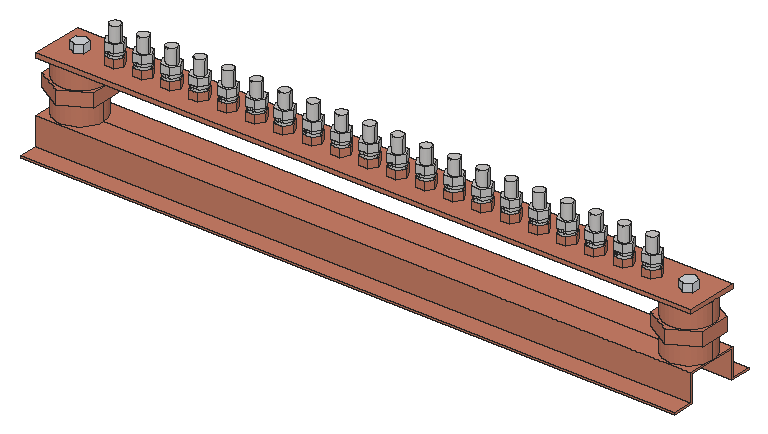
Revit family "FA_ГлавнаяЗаземпляющаяШина_20_88987_EZETEK", category Системы пожарной сигнализации, Revit 2017
Family settings
  Сохранять ориентацию аннотаций = Нет
  Размер круглого соединителя = Использовать радиус
  Тип детали = Нормальный
  На основе рабочей плоскости = Нет
  Всегда вертикально = Да
  При загрузке вырезать с полостями = Нет
  Общий = Нет
  Точка расчета площади = Нет
Parameters (values of type "ГлавнаяЗаземпляющаяШина_20_88987")
  Описание = "ГЗШ 20 подключений 600х40х4 мм, медь.\r\n\r\nГлавная заземляющая шина выполнена из меди, имеет габариты 40х4 мм, закрепляется на пластиковых изоляторах. Главная заземляющая шина объединяет нулевые защитные и нулевые рабочие совмещенные проводники питающей линии; выводы контура заземления; заземляющие проводники; проводники системы уравнивания потенциалов. Для присоединения проводников используются болты и гайки из нержавеющей стали. Главная заземляющая шина рассчитана на максимальный длительный ток 630 А."  # constant formula
  Производитель_Контакты = "ezetek@ezetek.ru"  # constant formula
  КолПодключений = 20
  Изготовитель = "Ezetek"  # constant formula
  Группа модели = "ГЗШ и шкафы ГЗШ"  # constant formula
  l = 21.6 mm
  URL = "https://ezetek.ru/"
  L = 465 mm
  ADSK_Этаж [instance] = ""
  ADSK_Размер_Длина = 500 mm
  ADSK_Примечание [instance] = ""
  ADSK_Позиция [instance] = ""
  ADSK_Обозначение = "88987"
  ADSK_Наименование краткое [instance] = "ГЗШ 20"
  ADSK_Наименование = "ГЗШ 20 подключений 600х40х4 мм, медь"
  ADSK_Материал = BIMLIB_Медь_EZETEK
  ADSK_Масса_Текст = "1.72"
  ADSK_Масса = 1.72
  ADSK_Марка = "88987"
  ADSK_Количество = 1  # constant formula
  ADSK_Код изделия = "88987"
  ADSK_Завод-изготовитель = "Ezetek"  # constant formula
  ADSK_Единица измерения = "шт."  # constant formula
  ADSK_Группирование [instance] = ""
  ADSK_Версия Revit = "2017"  # constant formula
  20 = yes
Reference planes
  plane 1 "По центру (Вперед/Назад)": y = 0
  plane 2: z = 0
  plane 3 "По центру (Влево/Вправо)": x = 0
  plane 4: x = -232.5
  plane 5: x = -250
  plane 6: x = 232.5
  plane 7: x = 250
  plane 8: y = 20
  plane 9: y = -20
  plane 10: z = 22
  plane 11: z = 62
  plane 12: z = 65
  plane 13: z = 92
  plane 14: y = 35
  plane 15: y = -35
  plane 16: z = 42
  plane 17: z = 37
  plane 18: z = 47
  plane 19: z = 71
Forms (mm)
  Extrusion 1, solid, material "BIMLIB_Медь_EZETEK" <- "ADSK_Материал", detail levels fine
    sketch origin (0, 0, 0) x (0, 1, 0) y (0, 0, 1)
      loop
        line (35, 0) -> (35, 1) -> (20, 1) -> (20, 22) -> (0, 22) -> (-20, 22) -> (-20, 1) -> (-35, 1) -> (-35, 0) -> (-19, 0) -> (-19, 21) -> (0, 21) -> (19, 21) -> (19, 0) -> (35, 0)
    from 250 to -250
  Extrusion 2, solid, material "BIMLIB_Медь_EZETEK" <- "ADSK_Материал", detail levels fine
    sketch origin (0, 0, 0) x (1, 0, 0) y (0, 1, 0)
      loop
        circle (-232.5, 0) r 18.032
      loop
        circle (232.5, 0) r 18.032
    from 62 to 22
  Extrusion 3, solid, material "BIMLIB_Медь_EZETEK" <- "ADSK_Материал", detail levels fine
    sketch origin (0, 0, 0) x (1, 0, 0) y (0, 1, 0)
      loop
        line (-250, 20) -> (-250, -20) -> (250, -20) -> (250, 20) -> (-250, 20)
    from 65 to 62
  Extrusion 4, solid, detail levels fine
    sketch origin (232.5, -130, 0) x (0, -1, 0) y (1, 0, 0)
      loop
        line (-136, 0) -> (-133, -5.196) -> (-127, -5.196) -> (-124, 0) -> (-127, 5.196) -> (-133, 5.196) -> (-136, 0)
    from 71 to 65
  Extrusion 5, solid, detail levels fine
    sketch origin (-232.5, 130, 0) x (0, 1, 0) y (-1, 0, 0)
      loop
        line (-124, 0) -> (-127, 5.196) -> (-133, 5.196) -> (-136, 0) -> (-133, -5.196) -> (-127, -5.196) -> (-124, 0)
    from 71 to 65
  Extrusion 6, solid, detail levels fine
    sketch origin (232.5, -130, 0) x (0, -1, 0) y (1, 0, 0)
      loop
        line (-136, 0) -> (-133, -5.196) -> (-127, -5.196) -> (-124, 0) -> (-127, 5.196) -> (-133, 5.196) -> (-136, 0)
    from 71 to 65
  Extrusion 7, solid, detail levels fine
    sketch origin (-102.5, 0, 0) x (1, 0, 0) y (0, 1, 0)
      loop
        line (-130, 6) -> (-135.196, 3) -> (-135.196, -3) -> (-130, -6) -> (-124.804, -3) -> (-124.804, 3) -> (-130, 6)
    from 21 to 16
  Extrusion 8, solid, not visible, detail levels fine
    sketch origin (102.5, 0, 0) x (-1, 0, 0) y (0, -1, 0)
      loop
        line (232.5, -6) -> (237.696, -3) -> (237.696, 3) -> (232.5, 6) -> (227.304, 3) -> (227.304, -3) -> (232.5, -6)
    from 21 to 16
  Extrusion 9, solid, detail levels fine
    sketch origin (102.5, 0, 0) x (-1, 0, 0) y (0, -1, 0)
      loop
        line (-130, -6) -> (-124.804, -3) -> (-124.804, 3) -> (-130, 6) -> (-135.196, 3) -> (-135.196, -3) -> (-130, -6)
    from 21 to 16
  Extrusion 10, solid, material "BIMLIB_Медь_EZETEK" <- "ADSK_Материал", detail levels fine
    sketch origin (-102.5, 0, 0) x (1, 0, 0) y (0, 1, 0)
      loop
        line (-130, 23) -> (-149.919, 11.5) -> (-149.919, -11.5) -> (-130, -23) -> (-110.081, -11.5) -> (-110.081, 11.5) -> (-130, 23)
    from 47 to 37
  Extrusion 11, solid, material "BIMLIB_Медь_EZETEK" <- "ADSK_Материал", not visible, detail levels fine
    sketch origin (102.5, 0, 0) x (-1, 0, 0) y (0, -1, 0)
      loop
        line (232.5, -23) -> (252.419, -11.5) -> (252.419, 11.5) -> (232.5, 23) -> (212.581, 11.5) -> (212.581, -11.5) -> (232.5, -23)
    from 47 to 37
  Extrusion 12, solid, material "BIMLIB_Медь_EZETEK" <- "ADSK_Материал", detail levels fine
    sketch origin (102.5, 0, 0) x (-1, 0, 0) y (0, -1, 0)
      loop
        line (-130, -23) -> (-110.081, -11.5) -> (-110.081, 11.5) -> (-130, 23) -> (-149.919, 11.5) -> (-149.919, -11.5) -> (-130, -23)
    from 47 to 37
  Extrusion 13, solid, material "BIMLIB_Сталь_Нержавеющая_EZETEK", visible <- "20", detail levels fine
    sketch origin (-205.558, 0, 0) x (1, 0, 0) y (0, 1, 0)
      loop
        circle (0, 0) r 4
    from 92 to 65
  Extrusion 14, solid, material "BIMLIB_Медь_EZETEK" <- "ADSK_Материал", visible <- "20", detail levels fine
    sketch origin (-205.558, 0, 0) x (1, 0, 0) y (0, 1, 0)
      loop
        line (3.441, -5.96) -> (6.881, 0) -> (3.441, 5.96) -> (-3.441, 5.96) -> (-6.881, 0) -> (-3.441, -5.96) -> (3.441, -5.96)
    from 62 to 56
  Extrusion 15, solid, material "BIMLIB_Медь_EZETEK" <- "ADSK_Материал", visible <- "20", detail levels fine
    sketch origin (-205.558, 0, 130) x (0, -1, 0) y (1, 0, 0)
      loop
        line (5.96, 3.441) -> (0, 6.881) -> (-5.96, 3.441) -> (-5.96, -3.441) -> (0, -6.881) -> (5.96, -3.441) -> (5.96, 3.441)
    from -59 to -65
  Extrusion 16, solid, material "BIMLIB_Сталь_Нержавеющая_EZETEK", visible <- "20", detail levels fine
    sketch origin (-205.558, 0, 130) x (0, -1, 0) y (1, 0, 0)
      loop
        line (5.96, 3.441) -> (0, 6.881) -> (-5.96, 3.441) -> (-5.96, -3.441) -> (0, -6.881) -> (5.96, -3.441) -> (5.96, 3.441)
    from -55 to -49
  Extrusion 17, solid, material "BIMLIB_Сталь_Нержавеющая_EZETEK", visible <- "20", detail levels fine
    sketch origin (-205.558, 0, 0) x (1, 0, 0) y (0, 1, 0)
      loop
        circle (0, 0) r 5.954
    from 73 to 71
  Extrusion 18, solid, material "BIMLIB_Сталь_Нержавеющая_EZETEK", visible <- "20", detail levels fine
    sketch origin (-205.558, 0, 146) x (0, -1, 0) y (1, 0, 0)
      loop
        circle (0, 0) r 5.954
    from -71 to -73
  Extrusion 19, solid, not visible, detail levels fine
    sketch origin (232.5, -130, 0) x (0, -1, 0) y (1, 0, 0)
      loop
        line (-136, 0) -> (-133, -5.196) -> (-127, -5.196) -> (-124, 0) -> (-127, 5.196) -> (-133, 5.196) -> (-136, 0)
    from 71 to 65
  Extrusion 20, solid, material "BIMLIB_Сталь_Нержавеющая_EZETEK", visible <- "20", not visible, detail levels fine
    sketch origin (-205.558, 0, 0) x (1, 0, 0) y (0, 1, 0)
      loop
        circle (0, 0) r 4
    from 92 to 65
  Extrusion 21, solid, material "BIMLIB_Медь_EZETEK" <- "ADSK_Материал", visible <- "20", not visible, detail levels fine
    sketch origin (-205.558, 0, 0) x (1, 0, 0) y (0, 1, 0)
      loop
        line (3.441, -5.96) -> (6.881, 0) -> (3.441, 5.96) -> (-3.441, 5.96) -> (-6.881, 0) -> (-3.441, -5.96) -> (3.441, -5.96)
    from 62 to 56
  Extrusion 22, solid, material "BIMLIB_Медь_EZETEK" <- "ADSK_Материал", visible <- "20", not visible, detail levels fine
    sketch origin (-205.558, 0, 130) x (0, -1, 0) y (1, 0, 0)
      loop
        line (5.96, 3.441) -> (0, 6.881) -> (-5.96, 3.441) -> (-5.96, -3.441) -> (0, -6.881) -> (5.96, -3.441) -> (5.96, 3.441)
    from -59 to -65
  Extrusion 23, solid, material "BIMLIB_Сталь_Нержавеющая_EZETEK", visible <- "20", not visible, detail levels fine
    sketch origin (-205.558, 0, 130) x (0, -1, 0) y (1, 0, 0)
      loop
        line (5.96, 3.441) -> (0, 6.881) -> (-5.96, 3.441) -> (-5.96, -3.441) -> (0, -6.881) -> (5.96, -3.441) -> (5.96, 3.441)
    from -55 to -49
  Extrusion 24, solid, material "BIMLIB_Сталь_Нержавеющая_EZETEK", visible <- "20", not visible, detail levels fine
    sketch origin (-205.558, 0, 0) x (1, 0, 0) y (0, 1, 0)
      loop
        circle (0, 0) r 5.954
    from 73 to 71
  Extrusion 25, solid, material "BIMLIB_Сталь_Нержавеющая_EZETEK", visible <- "20", not visible, detail levels fine
    sketch origin (-205.558, 0, 146) x (0, -1, 0) y (1, 0, 0)
      loop
        circle (0, 0) r 5.954
    from -71 to -73
  Extrusion 26, solid, material "BIMLIB_Сталь_Нержавеющая_EZETEK", visible <- "20", detail levels fine
    sketch origin (204.842, 0, 0) x (1, 0, 0) y (0, 1, 0)
      loop
        circle (0, 0) r 4
    from 92 to 65
  Extrusion 27, solid, material "BIMLIB_Медь_EZETEK" <- "ADSK_Материал", visible <- "20", detail levels fine
    sketch origin (204.842, 0, 0) x (1, 0, 0) y (0, 1, 0)
      loop
        line (3.441, -5.96) -> (6.881, 0) -> (3.441, 5.96) -> (-3.441, 5.96) -> (-6.881, 0) -> (-3.441, -5.96) -> (3.441, -5.96)
    from 62 to 56
  Extrusion 28, solid, material "BIMLIB_Медь_EZETEK" <- "ADSK_Материал", visible <- "20", detail levels fine
    sketch origin (204.842, 0, 130) x (0, -1, 0) y (1, 0, 0)
      loop
        line (5.96, 3.441) -> (0, 6.881) -> (-5.96, 3.441) -> (-5.96, -3.441) -> (0, -6.881) -> (5.96, -3.441) -> (5.96, 3.441)
    from -59 to -65
  Extrusion 29, solid, material "BIMLIB_Сталь_Нержавеющая_EZETEK", visible <- "20", detail levels fine
    sketch origin (204.842, 0, 130) x (0, -1, 0) y (1, 0, 0)
      loop
        line (5.96, 3.441) -> (0, 6.881) -> (-5.96, 3.441) -> (-5.96, -3.441) -> (0, -6.881) -> (5.96, -3.441) -> (5.96, 3.441)
    from -55 to -49
  Extrusion 30, solid, material "BIMLIB_Сталь_Нержавеющая_EZETEK", visible <- "20", detail levels fine
    sketch origin (204.842, 0, 0) x (1, 0, 0) y (0, 1, 0)
      loop
        circle (0, 0) r 5.954
    from 73 to 71
  Extrusion 31, solid, material "BIMLIB_Сталь_Нержавеющая_EZETEK", visible <- "20", detail levels fine
    sketch origin (204.842, 0, 146) x (0, -1, 0) y (1, 0, 0)
      loop
        circle (0, 0) r 5.954
    from -71 to -73
  Extrusion 32, solid, material "BIMLIB_Сталь_Нержавеющая_EZETEK", visible <- "20", detail levels fine
    sketch origin (-183.958, 0, 0) x (1, 0, 0) y (0, 1, 0)
      loop
        circle (0, 0) r 4
    from 92 to 65
  Extrusion 33, solid, material "BIMLIB_Медь_EZETEK" <- "ADSK_Материал", visible <- "20", detail levels fine
    sketch origin (-183.958, 0, 0) x (1, 0, 0) y (0, 1, 0)
      loop
        line (3.441, -5.96) -> (6.881, 0) -> (3.441, 5.96) -> (-3.441, 5.96) -> (-6.881, 0) -> (-3.441, -5.96) -> (3.441, -5.96)
    from 62 to 56
  Extrusion 34, solid, material "BIMLIB_Медь_EZETEK" <- "ADSK_Материал", visible <- "20", detail levels fine
    sketch origin (-183.958, 0, 130) x (0, -1, 0) y (1, 0, 0)
      loop
        line (5.96, 3.441) -> (0, 6.881) -> (-5.96, 3.441) -> (-5.96, -3.441) -> (0, -6.881) -> (5.96, -3.441) -> (5.96, 3.441)
    from -59 to -65
  Extrusion 35, solid, material "BIMLIB_Сталь_Нержавеющая_EZETEK", visible <- "20", detail levels fine
    sketch origin (-183.958, 0, 130) x (0, -1, 0) y (1, 0, 0)
      loop
        line (5.96, 3.441) -> (0, 6.881) -> (-5.96, 3.441) -> (-5.96, -3.441) -> (0, -6.881) -> (5.96, -3.441) -> (5.96, 3.441)
    from -55 to -49
  Extrusion 36, solid, material "BIMLIB_Сталь_Нержавеющая_EZETEK", visible <- "20", detail levels fine
    sketch origin (-183.958, 0, 0) x (1, 0, 0) y (0, 1, 0)
      loop
        circle (0, 0) r 5.954
    from 73 to 71
  Extrusion 37, solid, material "BIMLIB_Сталь_Нержавеющая_EZETEK", visible <- "20", detail levels fine
    sketch origin (-183.958, 0, 146) x (0, -1, 0) y (1, 0, 0)
      loop
        circle (0, 0) r 5.954
    from -71 to -73
  Extrusion 38, solid, material "BIMLIB_Сталь_Нержавеющая_EZETEK", visible <- "20", detail levels fine
    sketch origin (-162.358, 0, 0) x (1, 0, 0) y (0, 1, 0)
      loop
        circle (0, 0) r 4
    from 92 to 65
  Extrusion 39, solid, material "BIMLIB_Медь_EZETEK" <- "ADSK_Материал", visible <- "20", detail levels fine
    sketch origin (-162.358, 0, 0) x (1, 0, 0) y (0, 1, 0)
      loop
        line (3.441, -5.96) -> (6.881, 0) -> (3.441, 5.96) -> (-3.441, 5.96) -> (-6.881, 0) -> (-3.441, -5.96) -> (3.441, -5.96)
    from 62 to 56
  Extrusion 40, solid, material "BIMLIB_Медь_EZETEK" <- "ADSK_Материал", visible <- "20", detail levels fine
    sketch origin (-162.358, 0, 130) x (0, -1, 0) y (1, 0, 0)
      loop
        line (5.96, 3.441) -> (0, 6.881) -> (-5.96, 3.441) -> (-5.96, -3.441) -> (0, -6.881) -> (5.96, -3.441) -> (5.96, 3.441)
    from -59 to -65
  Extrusion 41, solid, material "BIMLIB_Сталь_Нержавеющая_EZETEK", visible <- "20", detail levels fine
    sketch origin (-162.358, 0, 130) x (0, -1, 0) y (1, 0, 0)
      loop
        line (5.96, 3.441) -> (0, 6.881) -> (-5.96, 3.441) -> (-5.96, -3.441) -> (0, -6.881) -> (5.96, -3.441) -> (5.96, 3.441)
    from -55 to -49
  Extrusion 42, solid, material "BIMLIB_Сталь_Нержавеющая_EZETEK", visible <- "20", detail levels fine
    sketch origin (-162.358, 0, 0) x (1, 0, 0) y (0, 1, 0)
      loop
        circle (0, 0) r 5.954
    from 73 to 71
  Extrusion 43, solid, material "BIMLIB_Сталь_Нержавеющая_EZETEK", visible <- "20", detail levels fine
    sketch origin (-162.358, 0, 146) x (0, -1, 0) y (1, 0, 0)
      loop
        circle (0, 0) r 5.954
    from -71 to -73
  Extrusion 44, solid, material "BIMLIB_Сталь_Нержавеющая_EZETEK", visible <- "20", detail levels fine
    sketch origin (-140.758, 0, 0) x (1, 0, 0) y (0, 1, 0)
      loop
        circle (0, 0) r 4
    from 92 to 65
  Extrusion 45, solid, material "BIMLIB_Медь_EZETEK" <- "ADSK_Материал", visible <- "20", detail levels fine
    sketch origin (-140.758, 0, 0) x (1, 0, 0) y (0, 1, 0)
      loop
        line (3.441, -5.96) -> (6.881, 0) -> (3.441, 5.96) -> (-3.441, 5.96) -> (-6.881, 0) -> (-3.441, -5.96) -> (3.441, -5.96)
    from 62 to 56
  Extrusion 46, solid, material "BIMLIB_Медь_EZETEK" <- "ADSK_Материал", visible <- "20", detail levels fine
    sketch origin (-140.758, 0, 130) x (0, -1, 0) y (1, 0, 0)
      loop
        line (5.96, 3.441) -> (0, 6.881) -> (-5.96, 3.441) -> (-5.96, -3.441) -> (0, -6.881) -> (5.96, -3.441) -> (5.96, 3.441)
    from -59 to -65
  Extrusion 47, solid, material "BIMLIB_Сталь_Нержавеющая_EZETEK", visible <- "20", detail levels fine
    sketch origin (-140.758, 0, 130) x (0, -1, 0) y (1, 0, 0)
      loop
        line (5.96, 3.441) -> (0, 6.881) -> (-5.96, 3.441) -> (-5.96, -3.441) -> (0, -6.881) -> (5.96, -3.441) -> (5.96, 3.441)
    from -55 to -49
  Extrusion 48, solid, material "BIMLIB_Сталь_Нержавеющая_EZETEK", visible <- "20", detail levels fine
    sketch origin (-140.758, 0, 0) x (1, 0, 0) y (0, 1, 0)
      loop
        circle (0, 0) r 5.954
    from 73 to 71
  Extrusion 49, solid, material "BIMLIB_Сталь_Нержавеющая_EZETEK", visible <- "20", detail levels fine
    sketch origin (-140.758, 0, 146) x (0, -1, 0) y (1, 0, 0)
      loop
        circle (0, 0) r 5.954
    from -71 to -73
  Extrusion 50, solid, material "BIMLIB_Сталь_Нержавеющая_EZETEK", visible <- "20", detail levels fine
    sketch origin (-119.158, 0, 0) x (1, 0, 0) y (0, 1, 0)
      loop
        circle (0, 0) r 4
    from 92 to 65
  Extrusion 51, solid, material "BIMLIB_Медь_EZETEK" <- "ADSK_Материал", visible <- "20", detail levels fine
    sketch origin (-119.158, 0, 0) x (1, 0, 0) y (0, 1, 0)
      loop
        line (3.441, -5.96) -> (6.881, 0) -> (3.441, 5.96) -> (-3.441, 5.96) -> (-6.881, 0) -> (-3.441, -5.96) -> (3.441, -5.96)
    from 62 to 56
  Extrusion 52, solid, material "BIMLIB_Медь_EZETEK" <- "ADSK_Материал", visible <- "20", detail levels fine
    sketch origin (-119.158, 0, 130) x (0, -1, 0) y (1, 0, 0)
      loop
        line (5.96, 3.441) -> (0, 6.881) -> (-5.96, 3.441) -> (-5.96, -3.441) -> (0, -6.881) -> (5.96, -3.441) -> (5.96, 3.441)
    from -59 to -65
  Extrusion 53, solid, material "BIMLIB_Сталь_Нержавеющая_EZETEK", visible <- "20", detail levels fine
    sketch origin (-119.158, 0, 130) x (0, -1, 0) y (1, 0, 0)
      loop
        line (5.96, 3.441) -> (0, 6.881) -> (-5.96, 3.441) -> (-5.96, -3.441) -> (0, -6.881) -> (5.96, -3.441) -> (5.96, 3.441)
    from -55 to -49
  Extrusion 54, solid, material "BIMLIB_Сталь_Нержавеющая_EZETEK", visible <- "20", detail levels fine
    sketch origin (-119.158, 0, 0) x (1, 0, 0) y (0, 1, 0)
      loop
        circle (0, 0) r 5.954
    from 73 to 71
  Extrusion 55, solid, material "BIMLIB_Сталь_Нержавеющая_EZETEK", visible <- "20", detail levels fine
    sketch origin (-119.158, 0, 146) x (0, -1, 0) y (1, 0, 0)
      loop
        circle (0, 0) r 5.954
    from -71 to -73
  Extrusion 56, solid, material "BIMLIB_Сталь_Нержавеющая_EZETEK", visible <- "20", detail levels fine
    sketch origin (-97.558, 0, 0) x (1, 0, 0) y (0, 1, 0)
      loop
        circle (0, 0) r 4
    from 92 to 65
  Extrusion 57, solid, material "BIMLIB_Медь_EZETEK" <- "ADSK_Материал", visible <- "20", detail levels fine
    sketch origin (-97.558, 0, 0) x (1, 0, 0) y (0, 1, 0)
      loop
        line (3.441, -5.96) -> (6.881, 0) -> (3.441, 5.96) -> (-3.441, 5.96) -> (-6.881, 0) -> (-3.441, -5.96) -> (3.441, -5.96)
    from 62 to 56
  Extrusion 58, solid, material "BIMLIB_Медь_EZETEK" <- "ADSK_Материал", visible <- "20", detail levels fine
    sketch origin (-97.558, 0, 130) x (0, -1, 0) y (1, 0, 0)
      loop
        line (5.96, 3.441) -> (0, 6.881) -> (-5.96, 3.441) -> (-5.96, -3.441) -> (0, -6.881) -> (5.96, -3.441) -> (5.96, 3.441)
    from -59 to -65
  Extrusion 59, solid, material "BIMLIB_Сталь_Нержавеющая_EZETEK", visible <- "20", detail levels fine
    sketch origin (-97.558, 0, 130) x (0, -1, 0) y (1, 0, 0)
      loop
        line (5.96, 3.441) -> (0, 6.881) -> (-5.96, 3.441) -> (-5.96, -3.441) -> (0, -6.881) -> (5.96, -3.441) -> (5.96, 3.441)
    from -55 to -49
  Extrusion 60, solid, material "BIMLIB_Сталь_Нержавеющая_EZETEK", visible <- "20", detail levels fine
    sketch origin (-97.558, 0, 0) x (1, 0, 0) y (0, 1, 0)
      loop
        circle (0, 0) r 5.954
    from 73 to 71
  Extrusion 61, solid, material "BIMLIB_Сталь_Нержавеющая_EZETEK", visible <- "20", detail levels fine
    sketch origin (-97.558, 0, 146) x (0, -1, 0) y (1, 0, 0)
      loop
        circle (0, 0) r 5.954
    from -71 to -73
  Extrusion 62, solid, material "BIMLIB_Сталь_Нержавеющая_EZETEK", visible <- "20", detail levels fine
    sketch origin (-75.958, 0, 0) x (1, 0, 0) y (0, 1, 0)
      loop
        circle (0, 0) r 4
    from 92 to 65
  Extrusion 63, solid, material "BIMLIB_Медь_EZETEK" <- "ADSK_Материал", visible <- "20", detail levels fine
    sketch origin (-75.958, 0, 0) x (1, 0, 0) y (0, 1, 0)
      loop
        line (3.441, -5.96) -> (6.881, 0) -> (3.441, 5.96) -> (-3.441, 5.96) -> (-6.881, 0) -> (-3.441, -5.96) -> (3.441, -5.96)
    from 62 to 56
  Extrusion 64, solid, material "BIMLIB_Медь_EZETEK" <- "ADSK_Материал", visible <- "20", detail levels fine
    sketch origin (-75.958, 0, 130) x (0, -1, 0) y (1, 0, 0)
      loop
        line (5.96, 3.441) -> (0, 6.881) -> (-5.96, 3.441) -> (-5.96, -3.441) -> (0, -6.881) -> (5.96, -3.441) -> (5.96, 3.441)
    from -59 to -65
  Extrusion 65, solid, material "BIMLIB_Сталь_Нержавеющая_EZETEK", visible <- "20", detail levels fine
    sketch origin (-75.958, 0, 130) x (0, -1, 0) y (1, 0, 0)
      loop
        line (5.96, 3.441) -> (0, 6.881) -> (-5.96, 3.441) -> (-5.96, -3.441) -> (0, -6.881) -> (5.96, -3.441) -> (5.96, 3.441)
    from -55 to -49
  Extrusion 66, solid, material "BIMLIB_Сталь_Нержавеющая_EZETEK", visible <- "20", detail levels fine
    sketch origin (-75.958, 0, 0) x (1, 0, 0) y (0, 1, 0)
      loop
        circle (0, 0) r 5.954
    from 73 to 71
  Extrusion 67, solid, material "BIMLIB_Сталь_Нержавеющая_EZETEK", visible <- "20", detail levels fine
    sketch origin (-75.958, 0, 146) x (0, -1, 0) y (1, 0, 0)
      loop
        circle (0, 0) r 5.954
    from -71 to -73
  Extrusion 68, solid, material "BIMLIB_Сталь_Нержавеющая_EZETEK", visible <- "20", detail levels fine
    sketch origin (-54.358, 0, 0) x (1, 0, 0) y (0, 1, 0)
      loop
        circle (0, 0) r 4
    from 92 to 65
  Extrusion 69, solid, material "BIMLIB_Медь_EZETEK" <- "ADSK_Материал", visible <- "20", detail levels fine
    sketch origin (-54.358, 0, 0) x (1, 0, 0) y (0, 1, 0)
      loop
        line (3.441, -5.96) -> (6.881, 0) -> (3.441, 5.96) -> (-3.441, 5.96) -> (-6.881, 0) -> (-3.441, -5.96) -> (3.441, -5.96)
    from 62 to 56
  Extrusion 70, solid, material "BIMLIB_Медь_EZETEK" <- "ADSK_Материал", visible <- "20", detail levels fine
    sketch origin (-54.358, 0, 130) x (0, -1, 0) y (1, 0, 0)
      loop
        line (5.96, 3.441) -> (0, 6.881) -> (-5.96, 3.441) -> (-5.96, -3.441) -> (0, -6.881) -> (5.96, -3.441) -> (5.96, 3.441)
    from -59 to -65
  Extrusion 71, solid, material "BIMLIB_Сталь_Нержавеющая_EZETEK", visible <- "20", detail levels fine
    sketch origin (-54.358, 0, 130) x (0, -1, 0) y (1, 0, 0)
      loop
        line (5.96, 3.441) -> (0, 6.881) -> (-5.96, 3.441) -> (-5.96, -3.441) -> (0, -6.881) -> (5.96, -3.441) -> (5.96, 3.441)
    from -55 to -49
  Extrusion 72, solid, material "BIMLIB_Сталь_Нержавеющая_EZETEK", visible <- "20", detail levels fine
    sketch origin (-54.358, 0, 0) x (1, 0, 0) y (0, 1, 0)
      loop
        circle (0, 0) r 5.954
    from 73 to 71
  Extrusion 73, solid, material "BIMLIB_Сталь_Нержавеющая_EZETEK", visible <- "20", detail levels fine
    sketch origin (-54.358, 0, 146) x (0, -1, 0) y (1, 0, 0)
      loop
        circle (0, 0) r 5.954
    from -71 to -73
  Extrusion 74, solid, material "BIMLIB_Сталь_Нержавеющая_EZETEK", visible <- "20", detail levels fine
    sketch origin (-32.758, 0, 0) x (1, 0, 0) y (0, 1, 0)
      loop
        circle (0, 0) r 4
    from 92 to 65
  Extrusion 75, solid, material "BIMLIB_Медь_EZETEK" <- "ADSK_Материал", visible <- "20", detail levels fine
    sketch origin (-32.758, 0, 0) x (1, 0, 0) y (0, 1, 0)
      loop
        line (3.441, -5.96) -> (6.881, 0) -> (3.441, 5.96) -> (-3.441, 5.96) -> (-6.881, 0) -> (-3.441, -5.96) -> (3.441, -5.96)
    from 62 to 56
  Extrusion 76, solid, material "BIMLIB_Медь_EZETEK" <- "ADSK_Материал", visible <- "20", detail levels fine
    sketch origin (-32.758, 0, 130) x (0, -1, 0) y (1, 0, 0)
      loop
        line (5.96, 3.441) -> (0, 6.881) -> (-5.96, 3.441) -> (-5.96, -3.441) -> (0, -6.881) -> (5.96, -3.441) -> (5.96, 3.441)
    from -59 to -65
  Extrusion 77, solid, material "BIMLIB_Сталь_Нержавеющая_EZETEK", visible <- "20", detail levels fine
    sketch origin (-32.758, 0, 130) x (0, -1, 0) y (1, 0, 0)
      loop
        line (5.96, 3.441) -> (0, 6.881) -> (-5.96, 3.441) -> (-5.96, -3.441) -> (0, -6.881) -> (5.96, -3.441) -> (5.96, 3.441)
    from -55 to -49
  Extrusion 78, solid, material "BIMLIB_Сталь_Нержавеющая_EZETEK", visible <- "20", detail levels fine
    sketch origin (-32.758, 0, 0) x (1, 0, 0) y (0, 1, 0)
      loop
        circle (0, 0) r 5.954
    from 73 to 71
  Extrusion 79, solid, material "BIMLIB_Сталь_Нержавеющая_EZETEK", visible <- "20", detail levels fine
    sketch origin (-32.758, 0, 146) x (0, -1, 0) y (1, 0, 0)
      loop
        circle (0, 0) r 5.954
    from -71 to -73
  Extrusion 80, solid, material "BIMLIB_Сталь_Нержавеющая_EZETEK", visible <- "20", detail levels fine
    sketch origin (-11.158, 0, 0) x (1, 0, 0) y (0, 1, 0)
      loop
        circle (0, 0) r 4
    from 92 to 65
  Extrusion 81, solid, material "BIMLIB_Медь_EZETEK" <- "ADSK_Материал", visible <- "20", detail levels fine
    sketch origin (-11.158, 0, 0) x (1, 0, 0) y (0, 1, 0)
      loop
        line (3.441, -5.96) -> (6.881, 0) -> (3.441, 5.96) -> (-3.441, 5.96) -> (-6.881, 0) -> (-3.441, -5.96) -> (3.441, -5.96)
    from 62 to 56
  Extrusion 82, solid, material "BIMLIB_Медь_EZETEK" <- "ADSK_Материал", visible <- "20", detail levels fine
    sketch origin (-11.158, 0, 130) x (0, -1, 0) y (1, 0, 0)
      loop
        line (5.96, 3.441) -> (0, 6.881) -> (-5.96, 3.441) -> (-5.96, -3.441) -> (0, -6.881) -> (5.96, -3.441) -> (5.96, 3.441)
    from -59 to -65
  Extrusion 83, solid, material "BIMLIB_Сталь_Нержавеющая_EZETEK", visible <- "20", detail levels fine
    sketch origin (-11.158, 0, 130) x (0, -1, 0) y (1, 0, 0)
      loop
        line (5.96, 3.441) -> (0, 6.881) -> (-5.96, 3.441) -> (-5.96, -3.441) -> (0, -6.881) -> (5.96, -3.441) -> (5.96, 3.441)
    from -55 to -49
  Extrusion 84, solid, material "BIMLIB_Сталь_Нержавеющая_EZETEK", visible <- "20", detail levels fine
    sketch origin (-11.158, 0, 0) x (1, 0, 0) y (0, 1, 0)
      loop
        circle (0, 0) r 5.954
    from 73 to 71
  Extrusion 85, solid, material "BIMLIB_Сталь_Нержавеющая_EZETEK", visible <- "20", detail levels fine
    sketch origin (-11.158, 0, 146) x (0, -1, 0) y (1, 0, 0)
      loop
        circle (0, 0) r 5.954
    from -71 to -73
  Extrusion 86, solid, material "BIMLIB_Сталь_Нержавеющая_EZETEK", visible <- "20", detail levels fine
    sketch origin (10.442, 0, 0) x (1, 0, 0) y (0, 1, 0)
      loop
        circle (0, 0) r 4
    from 92 to 65
  Extrusion 87, solid, material "BIMLIB_Медь_EZETEK" <- "ADSK_Материал", visible <- "20", detail levels fine
    sketch origin (10.442, 0, 0) x (1, 0, 0) y (0, 1, 0)
      loop
        line (3.441, -5.96) -> (6.881, 0) -> (3.441, 5.96) -> (-3.441, 5.96) -> (-6.881, 0) -> (-3.441, -5.96) -> (3.441, -5.96)
    from 62 to 56
  Extrusion 88, solid, material "BIMLIB_Медь_EZETEK" <- "ADSK_Материал", visible <- "20", detail levels fine
    sketch origin (10.442, 0, 130) x (0, -1, 0) y (1, 0, 0)
      loop
        line (5.96, 3.441) -> (0, 6.881) -> (-5.96, 3.441) -> (-5.96, -3.441) -> (0, -6.881) -> (5.96, -3.441) -> (5.96, 3.441)
    from -59 to -65
  Extrusion 89, solid, material "BIMLIB_Сталь_Нержавеющая_EZETEK", visible <- "20", detail levels fine
    sketch origin (10.442, 0, 130) x (0, -1, 0) y (1, 0, 0)
      loop
        line (5.96, 3.441) -> (0, 6.881) -> (-5.96, 3.441) -> (-5.96, -3.441) -> (0, -6.881) -> (5.96, -3.441) -> (5.96, 3.441)
    from -55 to -49
  Extrusion 90, solid, material "BIMLIB_Сталь_Нержавеющая_EZETEK", visible <- "20", detail levels fine
    sketch origin (10.442, 0, 0) x (1, 0, 0) y (0, 1, 0)
      loop
        circle (0, 0) r 5.954
    from 73 to 71
  Extrusion 91, solid, material "BIMLIB_Сталь_Нержавеющая_EZETEK", visible <- "20", detail levels fine
    sketch origin (10.442, 0, 146) x (0, -1, 0) y (1, 0, 0)
      loop
        circle (0, 0) r 5.954
    from -71 to -73
  Extrusion 92, solid, material "BIMLIB_Сталь_Нержавеющая_EZETEK", visible <- "20", detail levels fine
    sketch origin (32.042, 0, 0) x (1, 0, 0) y (0, 1, 0)
      loop
        circle (0, 0) r 4
    from 92 to 65
  Extrusion 93, solid, material "BIMLIB_Медь_EZETEK" <- "ADSK_Материал", visible <- "20", detail levels fine
    sketch origin (32.042, 0, 0) x (1, 0, 0) y (0, 1, 0)
      loop
        line (3.441, -5.96) -> (6.881, 0) -> (3.441, 5.96) -> (-3.441, 5.96) -> (-6.881, 0) -> (-3.441, -5.96) -> (3.441, -5.96)
    from 62 to 56
  Extrusion 94, solid, material "BIMLIB_Медь_EZETEK" <- "ADSK_Материал", visible <- "20", detail levels fine
    sketch origin (32.042, 0, 130) x (0, -1, 0) y (1, 0, 0)
      loop
        line (5.96, 3.441) -> (0, 6.881) -> (-5.96, 3.441) -> (-5.96, -3.441) -> (0, -6.881) -> (5.96, -3.441) -> (5.96, 3.441)
    from -59 to -65
  Extrusion 95, solid, material "BIMLIB_Сталь_Нержавеющая_EZETEK", visible <- "20", detail levels fine
    sketch origin (32.042, 0, 130) x (0, -1, 0) y (1, 0, 0)
      loop
        line (5.96, 3.441) -> (0, 6.881) -> (-5.96, 3.441) -> (-5.96, -3.441) -> (0, -6.881) -> (5.96, -3.441) -> (5.96, 3.441)
    from -55 to -49
  Extrusion 96, solid, material "BIMLIB_Сталь_Нержавеющая_EZETEK", visible <- "20", detail levels fine
    sketch origin (32.042, 0, 0) x (1, 0, 0) y (0, 1, 0)
      loop
        circle (0, 0) r 5.954
    from 73 to 71
  Extrusion 97, solid, material "BIMLIB_Сталь_Нержавеющая_EZETEK", visible <- "20", detail levels fine
    sketch origin (32.042, 0, 146) x (0, -1, 0) y (1, 0, 0)
      loop
        circle (0, 0) r 5.954
    from -71 to -73
  Extrusion 98, solid, material "BIMLIB_Сталь_Нержавеющая_EZETEK", visible <- "20", detail levels fine
    sketch origin (53.642, 0, 0) x (1, 0, 0) y (0, 1, 0)
      loop
        circle (0, 0) r 4
    from 92 to 65
  Extrusion 99, solid, material "BIMLIB_Медь_EZETEK" <- "ADSK_Материал", visible <- "20", detail levels fine
    sketch origin (53.642, 0, 0) x (1, 0, 0) y (0, 1, 0)
      loop
        line (3.441, -5.96) -> (6.881, 0) -> (3.441, 5.96) -> (-3.441, 5.96) -> (-6.881, 0) -> (-3.441, -5.96) -> (3.441, -5.96)
    from 62 to 56
  Extrusion 100, solid, material "BIMLIB_Медь_EZETEK" <- "ADSK_Материал", visible <- "20", detail levels fine
    sketch origin (53.642, 0, 130) x (0, -1, 0) y (1, 0, 0)
      loop
        line (5.96, 3.441) -> (0, 6.881) -> (-5.96, 3.441) -> (-5.96, -3.441) -> (0, -6.881) -> (5.96, -3.441) -> (5.96, 3.441)
    from -59 to -65
  Extrusion 101, solid, material "BIMLIB_Сталь_Нержавеющая_EZETEK", visible <- "20", detail levels fine
    sketch origin (53.642, 0, 130) x (0, -1, 0) y (1, 0, 0)
      loop
        line (5.96, 3.441) -> (0, 6.881) -> (-5.96, 3.441) -> (-5.96, -3.441) -> (0, -6.881) -> (5.96, -3.441) -> (5.96, 3.441)
    from -55 to -49
  Extrusion 102, solid, material "BIMLIB_Сталь_Нержавеющая_EZETEK", visible <- "20", detail levels fine
    sketch origin (53.642, 0, 0) x (1, 0, 0) y (0, 1, 0)
      loop
        circle (0, 0) r 5.954
    from 73 to 71
  Extrusion 103, solid, material "BIMLIB_Сталь_Нержавеющая_EZETEK", visible <- "20", detail levels fine
    sketch origin (53.642, 0, 146) x (0, -1, 0) y (1, 0, 0)
      loop
        circle (0, 0) r 5.954
    from -71 to -73
  Extrusion 104, solid, material "BIMLIB_Сталь_Нержавеющая_EZETEK", visible <- "20", detail levels fine
    sketch origin (75.242, 0, 0) x (1, 0, 0) y (0, 1, 0)
      loop
        circle (0, 0) r 4
    from 92 to 65
  Extrusion 105, solid, material "BIMLIB_Медь_EZETEK" <- "ADSK_Материал", visible <- "20", detail levels fine
    sketch origin (75.242, 0, 0) x (1, 0, 0) y (0, 1, 0)
      loop
        line (3.441, -5.96) -> (6.881, 0) -> (3.441, 5.96) -> (-3.441, 5.96) -> (-6.881, 0) -> (-3.441, -5.96) -> (3.441, -5.96)
    from 62 to 56
  Extrusion 106, solid, material "BIMLIB_Медь_EZETEK" <- "ADSK_Материал", visible <- "20", detail levels fine
    sketch origin (75.242, 0, 130) x (0, -1, 0) y (1, 0, 0)
      loop
        line (5.96, 3.441) -> (0, 6.881) -> (-5.96, 3.441) -> (-5.96, -3.441) -> (0, -6.881) -> (5.96, -3.441) -> (5.96, 3.441)
    from -59 to -65
  Extrusion 107, solid, material "BIMLIB_Сталь_Нержавеющая_EZETEK", visible <- "20", detail levels fine
    sketch origin (75.242, 0, 130) x (0, -1, 0) y (1, 0, 0)
      loop
        line (5.96, 3.441) -> (0, 6.881) -> (-5.96, 3.441) -> (-5.96, -3.441) -> (0, -6.881) -> (5.96, -3.441) -> (5.96, 3.441)
    from -55 to -49
  Extrusion 108, solid, material "BIMLIB_Сталь_Нержавеющая_EZETEK", visible <- "20", detail levels fine
    sketch origin (75.242, 0, 0) x (1, 0, 0) y (0, 1, 0)
      loop
        circle (0, 0) r 5.954
    from 73 to 71
  Extrusion 109, solid, material "BIMLIB_Сталь_Нержавеющая_EZETEK", visible <- "20", detail levels fine
    sketch origin (75.242, 0, 146) x (0, -1, 0) y (1, 0, 0)
      loop
        circle (0, 0) r 5.954
    from -71 to -73
  Extrusion 110, solid, material "BIMLIB_Сталь_Нержавеющая_EZETEK", visible <- "20", detail levels fine
    sketch origin (96.842, 0, 0) x (1, 0, 0) y (0, 1, 0)
      loop
        circle (0, 0) r 4
    from 92 to 65
  Extrusion 111, solid, material "BIMLIB_Медь_EZETEK" <- "ADSK_Материал", visible <- "20", detail levels fine
    sketch origin (96.842, 0, 0) x (1, 0, 0) y (0, 1, 0)
      loop
        line (3.441, -5.96) -> (6.881, 0) -> (3.441, 5.96) -> (-3.441, 5.96) -> (-6.881, 0) -> (-3.441, -5.96) -> (3.441, -5.96)
    from 62 to 56
  Extrusion 112, solid, material "BIMLIB_Медь_EZETEK" <- "ADSK_Материал", visible <- "20", detail levels fine
    sketch origin (96.842, 0, 130) x (0, -1, 0) y (1, 0, 0)
      loop
        line (5.96, 3.441) -> (0, 6.881) -> (-5.96, 3.441) -> (-5.96, -3.441) -> (0, -6.881) -> (5.96, -3.441) -> (5.96, 3.441)
    from -59 to -65
  Extrusion 113, solid, material "BIMLIB_Сталь_Нержавеющая_EZETEK", visible <- "20", detail levels fine
    sketch origin (96.842, 0, 130) x (0, -1, 0) y (1, 0, 0)
      loop
        line (5.96, 3.441) -> (0, 6.881) -> (-5.96, 3.441) -> (-5.96, -3.441) -> (0, -6.881) -> (5.96, -3.441) -> (5.96, 3.441)
    from -55 to -49
  Extrusion 114, solid, material "BIMLIB_Сталь_Нержавеющая_EZETEK", visible <- "20", detail levels fine
    sketch origin (96.842, 0, 0) x (1, 0, 0) y (0, 1, 0)
      loop
        circle (0, 0) r 5.954
    from 73 to 71
  Extrusion 115, solid, material "BIMLIB_Сталь_Нержавеющая_EZETEK", visible <- "20", detail levels fine
    sketch origin (96.842, 0, 146) x (0, -1, 0) y (1, 0, 0)
      loop
        circle (0, 0) r 5.954
    from -71 to -73
  Extrusion 116, solid, material "BIMLIB_Сталь_Нержавеющая_EZETEK", visible <- "20", detail levels fine
    sketch origin (118.442, 0, 0) x (1, 0, 0) y (0, 1, 0)
      loop
        circle (0, 0) r 4
    from 92 to 65
  Extrusion 117, solid, material "BIMLIB_Медь_EZETEK" <- "ADSK_Материал", visible <- "20", detail levels fine
    sketch origin (118.442, 0, 0) x (1, 0, 0) y (0, 1, 0)
      loop
        line (3.441, -5.96) -> (6.881, 0) -> (3.441, 5.96) -> (-3.441, 5.96) -> (-6.881, 0) -> (-3.441, -5.96) -> (3.441, -5.96)
    from 62 to 56
  Extrusion 118, solid, material "BIMLIB_Медь_EZETEK" <- "ADSK_Материал", visible <- "20", detail levels fine
    sketch origin (118.442, 0, 130) x (0, -1, 0) y (1, 0, 0)
      loop
        line (5.96, 3.441) -> (0, 6.881) -> (-5.96, 3.441) -> (-5.96, -3.441) -> (0, -6.881) -> (5.96, -3.441) -> (5.96, 3.441)
    from -59 to -65
  Extrusion 119, solid, material "BIMLIB_Сталь_Нержавеющая_EZETEK", visible <- "20", detail levels fine
    sketch origin (118.442, 0, 130) x (0, -1, 0) y (1, 0, 0)
      loop
        line (5.96, 3.441) -> (0, 6.881) -> (-5.96, 3.441) -> (-5.96, -3.441) -> (0, -6.881) -> (5.96, -3.441) -> (5.96, 3.441)
    from -55 to -49
  Extrusion 120, solid, material "BIMLIB_Сталь_Нержавеющая_EZETEK", visible <- "20", detail levels fine
    sketch origin (118.442, 0, 0) x (1, 0, 0) y (0, 1, 0)
      loop
        circle (0, 0) r 5.954
    from 73 to 71
  Extrusion 121, solid, material "BIMLIB_Сталь_Нержавеющая_EZETEK", visible <- "20", detail levels fine
    sketch origin (118.442, 0, 146) x (0, -1, 0) y (1, 0, 0)
      loop
        circle (0, 0) r 5.954
    from -71 to -73
  Extrusion 122, solid, material "BIMLIB_Сталь_Нержавеющая_EZETEK", visible <- "20", detail levels fine
    sketch origin (140.042, 0, 0) x (1, 0, 0) y (0, 1, 0)
      loop
        circle (0, 0) r 4
    from 92 to 65
  Extrusion 123, solid, material "BIMLIB_Медь_EZETEK" <- "ADSK_Материал", visible <- "20", detail levels fine
    sketch origin (140.042, 0, 0) x (1, 0, 0) y (0, 1, 0)
      loop
        line (3.441, -5.96) -> (6.881, 0) -> (3.441, 5.96) -> (-3.441, 5.96) -> (-6.881, 0) -> (-3.441, -5.96) -> (3.441, -5.96)
    from 62 to 56
  Extrusion 124, solid, material "BIMLIB_Медь_EZETEK" <- "ADSK_Материал", visible <- "20", detail levels fine
    sketch origin (140.042, 0, 130) x (0, -1, 0) y (1, 0, 0)
      loop
        line (5.96, 3.441) -> (0, 6.881) -> (-5.96, 3.441) -> (-5.96, -3.441) -> (0, -6.881) -> (5.96, -3.441) -> (5.96, 3.441)
    from -59 to -65
  Extrusion 125, solid, material "BIMLIB_Сталь_Нержавеющая_EZETEK", visible <- "20", detail levels fine
    sketch origin (140.042, 0, 130) x (0, -1, 0) y (1, 0, 0)
      loop
        line (5.96, 3.441) -> (0, 6.881) -> (-5.96, 3.441) -> (-5.96, -3.441) -> (0, -6.881) -> (5.96, -3.441) -> (5.96, 3.441)
    from -55 to -49
  Extrusion 126, solid, material "BIMLIB_Сталь_Нержавеющая_EZETEK", visible <- "20", detail levels fine
    sketch origin (140.042, 0, 0) x (1, 0, 0) y (0, 1, 0)
      loop
        circle (0, 0) r 5.954
    from 73 to 71
  Extrusion 127, solid, material "BIMLIB_Сталь_Нержавеющая_EZETEK", visible <- "20", detail levels fine
    sketch origin (140.042, 0, 146) x (0, -1, 0) y (1, 0, 0)
      loop
        circle (0, 0) r 5.954
    from -71 to -73
  Extrusion 128, solid, material "BIMLIB_Сталь_Нержавеющая_EZETEK", visible <- "20", detail levels fine
    sketch origin (161.642, 0, 0) x (1, 0, 0) y (0, 1, 0)
      loop
        circle (0, 0) r 4
    from 92 to 65
  Extrusion 129, solid, material "BIMLIB_Медь_EZETEK" <- "ADSK_Материал", visible <- "20", detail levels fine
    sketch origin (161.642, 0, 0) x (1, 0, 0) y (0, 1, 0)
      loop
        line (3.441, -5.96) -> (6.881, 0) -> (3.441, 5.96) -> (-3.441, 5.96) -> (-6.881, 0) -> (-3.441, -5.96) -> (3.441, -5.96)
    from 62 to 56
  Extrusion 130, solid, material "BIMLIB_Медь_EZETEK" <- "ADSK_Материал", visible <- "20", detail levels fine
    sketch origin (161.642, 0, 130) x (0, -1, 0) y (1, 0, 0)
      loop
        line (5.96, 3.441) -> (0, 6.881) -> (-5.96, 3.441) -> (-5.96, -3.441) -> (0, -6.881) -> (5.96, -3.441) -> (5.96, 3.441)
    from -59 to -65
  Extrusion 131, solid, material "BIMLIB_Сталь_Нержавеющая_EZETEK", visible <- "20", detail levels fine
    sketch origin (161.642, 0, 130) x (0, -1, 0) y (1, 0, 0)
      loop
        line (5.96, 3.441) -> (0, 6.881) -> (-5.96, 3.441) -> (-5.96, -3.441) -> (0, -6.881) -> (5.96, -3.441) -> (5.96, 3.441)
    from -55 to -49
  Extrusion 132, solid, material "BIMLIB_Сталь_Нержавеющая_EZETEK", visible <- "20", detail levels fine
    sketch origin (161.642, 0, 0) x (1, 0, 0) y (0, 1, 0)
      loop
        circle (0, 0) r 5.954
    from 73 to 71
  Extrusion 133, solid, material "BIMLIB_Сталь_Нержавеющая_EZETEK", visible <- "20", detail levels fine
    sketch origin (161.642, 0, 146) x (0, -1, 0) y (1, 0, 0)
      loop
        circle (0, 0) r 5.954
    from -71 to -73
  Extrusion 134, solid, material "BIMLIB_Сталь_Нержавеющая_EZETEK", visible <- "20", detail levels fine
    sketch origin (183.242, 0, 0) x (1, 0, 0) y (0, 1, 0)
      loop
        circle (0, 0) r 4
    from 92 to 65
  Extrusion 135, solid, material "BIMLIB_Медь_EZETEK" <- "ADSK_Материал", visible <- "20", detail levels fine
    sketch origin (183.242, 0, 0) x (1, 0, 0) y (0, 1, 0)
      loop
        line (3.441, -5.96) -> (6.881, 0) -> (3.441, 5.96) -> (-3.441, 5.96) -> (-6.881, 0) -> (-3.441, -5.96) -> (3.441, -5.96)
    from 62 to 56
  Extrusion 136, solid, material "BIMLIB_Медь_EZETEK" <- "ADSK_Материал", visible <- "20", detail levels fine
    sketch origin (183.242, 0, 130) x (0, -1, 0) y (1, 0, 0)
      loop
        line (5.96, 3.441) -> (0, 6.881) -> (-5.96, 3.441) -> (-5.96, -3.441) -> (0, -6.881) -> (5.96, -3.441) -> (5.96, 3.441)
    from -59 to -65
  Extrusion 137, solid, material "BIMLIB_Сталь_Нержавеющая_EZETEK", visible <- "20", detail levels fine
    sketch origin (183.242, 0, 130) x (0, -1, 0) y (1, 0, 0)
      loop
        line (5.96, 3.441) -> (0, 6.881) -> (-5.96, 3.441) -> (-5.96, -3.441) -> (0, -6.881) -> (5.96, -3.441) -> (5.96, 3.441)
    from -55 to -49
  Extrusion 138, solid, material "BIMLIB_Сталь_Нержавеющая_EZETEK", visible <- "20", detail levels fine
    sketch origin (183.242, 0, 0) x (1, 0, 0) y (0, 1, 0)
      loop
        circle (0, 0) r 5.954
    from 73 to 71
  Extrusion 139, solid, material "BIMLIB_Сталь_Нержавеющая_EZETEK", visible <- "20", detail levels fine
    sketch origin (183.242, 0, 146) x (0, -1, 0) y (1, 0, 0)
      loop
        circle (0, 0) r 5.954
    from -71 to -73
Dimensions and locks
  locked: plane 1 "По центру (Вперед/Назад)" to plane 8 at 20
  locked: plane 1 "По центру (Вперед/Назад)" to plane 9 at 20
  locked: plane 10 to plane 2 at 22
  locked: plane 11 to plane 10 at 40
  locked: plane 12 to plane 11 at 3
  locked: plane 13 to plane 2 at 92
  locked: plane 14 to plane 1 "По центру (Вперед/Назад)" at 35
  locked: plane 15 to plane 1 "По центру (Вперед/Назад)" at 35
  equal spacing: plane 5, plane 3 "По центру (Влево/Вправо)", plane 7
  "ADSK_Размер_Длина": plane 5 to plane 7
  equal spacing: plane 11, plane 16, plane 10
  plane 19 to plane 12 = 6 mm
  locked: plane 4 to Extrusion 14 at 20.06
  equal spacing: plane 4, plane 3 "По центру (Влево/Вправо)", plane 6
  "L": plane 4 to plane 6
  equal spacing: group 11, group 14, group 15, group 16, group 17, group 18, group 19, group 20, group 21, group 22, group 23, group 24, group 25, group 26, group 27, group 28, group 29, group 30, group 31, group 13  (x3)
  "l": Extrusion 16 to Extrusion 35
  aligned and locked: level to plane 2
  aligned and locked: plane 7 to Extrusion 1
  aligned and locked: plane 5 to Extrusion 1
  aligned and locked: Extrusion 2 to plane 10
  aligned and locked: Extrusion 3 sketch curve to Extrusion 1  (x4)
  aligned and locked: Extrusion 3 to plane 12
  aligned and locked: Extrusion 3 to plane 11
  aligned and locked: plane 6 to Extrusion 4
  aligned and locked: Extrusion 7 to Extrusion 1
  aligned and locked: Extrusion 7 to plane 4
  aligned and locked: Extrusion 9 to plane 6
  aligned and locked: Extrusion 10 to plane 17
  aligned and locked: plane 6 to Extrusion 12
  aligned and locked: plane 13 to Extrusion 13
  aligned and locked: Extrusion 13 to plane 12
  aligned and locked: Extrusion 15 to plane 12
  aligned and locked: plane 19 to Extrusion 15
  aligned and locked: plane 4 to Extrusion 10
  aligned and locked: Extrusion 5 to plane 4
  aligned and locked: Extrusion 6 to plane 6
Automatic sketch dimensions
  Extrusion 4 sketch curve to Extrusion 4 sketch curve = 3 mm  (x3)
  Extrusion 4 sketch curve to Extrusion 4 sketch curve = 6 mm  (x2)
  Extrusion 4 sketch curve to Extrusion 4 sketch curve = 5.196 mm  (x3)
  Extrusion 5 sketch curve to Extrusion 5 sketch curve = 3 mm  (x3)
  Extrusion 5 sketch curve to Extrusion 5 sketch curve = 6 mm  (x2)
  Extrusion 5 sketch curve to Extrusion 5 sketch curve = 5.196 mm  (x3)
  Extrusion 6 sketch curve to Extrusion 6 sketch curve = 3 mm  (x3)
  Extrusion 6 sketch curve to Extrusion 6 sketch curve = 6 mm  (x2)
  Extrusion 6 sketch curve to Extrusion 6 sketch curve = 5.196 mm  (x3)
  Extrusion 7 sketch curve to Extrusion 7 sketch curve = 5.196 mm  (x3)
  Extrusion 7 sketch curve to Extrusion 7 sketch curve = 3 mm  (x3)
  Extrusion 7 sketch curve to Extrusion 7 sketch curve = 6 mm  (x2)
  Extrusion 8 sketch curve to Extrusion 8 sketch curve = 5.196 mm  (x3)
  Extrusion 8 sketch curve to Extrusion 8 sketch curve = 3 mm  (x3)
  Extrusion 8 sketch curve to Extrusion 8 sketch curve = 6 mm  (x2)
  Extrusion 9 sketch curve to Extrusion 9 sketch curve = 5.196 mm  (x3)
  Extrusion 9 sketch curve to Extrusion 9 sketch curve = 3 mm  (x3)
  Extrusion 9 sketch curve to Extrusion 9 sketch curve = 6 mm  (x2)
  Extrusion 10 sketch curve to Extrusion 10 sketch curve = 19.919 mm  (x3)
  Extrusion 10 sketch curve to Extrusion 10 sketch curve = 11.5 mm  (x3)
  Extrusion 10 sketch curve to Extrusion 10 sketch curve = 23 mm  (x2)
  Extrusion 11 sketch curve to Extrusion 11 sketch curve = 19.919 mm  (x3)
  Extrusion 11 sketch curve to Extrusion 11 sketch curve = 11.5 mm  (x3)
  Extrusion 11 sketch curve to Extrusion 11 sketch curve = 23 mm  (x2)
  Extrusion 12 sketch curve to Extrusion 12 sketch curve = 19.919 mm  (x3)
  Extrusion 12 sketch curve to Extrusion 12 sketch curve = 11.5 mm  (x3)
  Extrusion 12 sketch curve to Extrusion 12 sketch curve = 23 mm  (x2)
  Extrusion 1 sketch curve to level = 0 mm  (x2)
  Extrusion 1 sketch curve to plane 15 = 0 mm
  Extrusion 1 sketch curve to plane 9 = 0 mm
  Extrusion 1 sketch curve to plane 1 "По центру (Вперед/Назад)" = 0 mm  (x2)
  Extrusion 1 sketch curve to plane 8 = 0 mm
  Extrusion 1 sketch curve to plane 14 = 0 mm
  Extrusion 1 sketch curve to plane 10 = 0 mm
  Extrusion 1 sketch curve to plane 9 = 1 mm
  Extrusion 1 sketch curve to plane 8 = 1 mm
  level to Extrusion 1 sketch curve = 1 mm  (x2)
  Extrusion 1 sketch curve to plane 10 = 1 mm
  plane 1 "По центру (Вперед/Назад)" to Extrusion 2 sketch curve = 0 mm  (x2)
  Extrusion 2 sketch curve to plane 4 = 0 mm
  Extrusion 2 sketch curve to plane 6 = 0 mm
  Extrusion 15 sketch curve to Extrusion 15 sketch curve = 3.441 mm  (x4)
  Extrusion 14 sketch curve to Extrusion 14 sketch curve = 3.441 mm  (x3)
  Extrusion 14 sketch curve to Extrusion 14 sketch curve = 6.881 mm  (x2)
  Extrusion 14 sketch curve to Extrusion 14 sketch curve = 5.96 mm  (x3)
  Extrusion 15 sketch curve to Extrusion 15 sketch curve = 5.96 mm  (x3)
  Extrusion 15 sketch curve to Extrusion 15 sketch curve = 6.881 mm
  Extrusion 16 sketch curve to Extrusion 16 sketch curve = 5.96 mm  (x3)
  Extrusion 16 sketch curve to Extrusion 16 sketch curve = 3.441 mm  (x3)
  Extrusion 16 sketch curve to Extrusion 16 sketch curve = 6.881 mm  (x2)
  Extrusion 19 sketch curve to Extrusion 19 sketch curve = 3 mm  (x3)
  Extrusion 19 sketch curve to Extrusion 19 sketch curve = 6 mm  (x2)
  Extrusion 19 sketch curve to Extrusion 19 sketch curve = 5.196 mm  (x3)
  Extrusion 22 sketch curve to Extrusion 22 sketch curve = 3.441 mm  (x4)
  Extrusion 21 sketch curve to Extrusion 21 sketch curve = 3.441 mm  (x3)
  Extrusion 21 sketch curve to Extrusion 21 sketch curve = 6.881 mm  (x2)
  Extrusion 21 sketch curve to Extrusion 21 sketch curve = 5.96 mm  (x3)
  Extrusion 22 sketch curve to Extrusion 22 sketch curve = 5.96 mm  (x3)
  Extrusion 22 sketch curve to Extrusion 22 sketch curve = 6.881 mm
  Extrusion 23 sketch curve to Extrusion 23 sketch curve = 5.96 mm  (x3)
  Extrusion 23 sketch curve to Extrusion 23 sketch curve = 3.441 mm  (x3)
  Extrusion 23 sketch curve to Extrusion 23 sketch curve = 6.881 mm  (x2)
  Extrusion 28 sketch curve to Extrusion 28 sketch curve = 3.441 mm  (x4)
  Extrusion 27 sketch curve to Extrusion 27 sketch curve = 3.441 mm  (x3)
  Extrusion 27 sketch curve to Extrusion 27 sketch curve = 6.881 mm  (x2)
  Extrusion 27 sketch curve to Extrusion 27 sketch curve = 5.96 mm  (x3)
  Extrusion 28 sketch curve to Extrusion 28 sketch curve = 5.96 mm  (x3)
  Extrusion 28 sketch curve to Extrusion 28 sketch curve = 6.881 mm
  Extrusion 29 sketch curve to Extrusion 29 sketch curve = 5.96 mm  (x3)
  Extrusion 29 sketch curve to Extrusion 29 sketch curve = 3.441 mm  (x3)
  Extrusion 29 sketch curve to Extrusion 29 sketch curve = 6.881 mm  (x2)
  Extrusion 34 sketch curve to Extrusion 34 sketch curve = 3.441 mm  (x4)
  Extrusion 33 sketch curve to Extrusion 33 sketch curve = 3.441 mm  (x3)
  Extrusion 33 sketch curve to Extrusion 33 sketch curve = 6.881 mm  (x2)
  Extrusion 33 sketch curve to Extrusion 33 sketch curve = 5.96 mm  (x3)
  Extrusion 34 sketch curve to Extrusion 34 sketch curve = 5.96 mm  (x3)
  Extrusion 34 sketch curve to Extrusion 34 sketch curve = 6.881 mm
  Extrusion 35 sketch curve to Extrusion 35 sketch curve = 5.96 mm  (x3)
  Extrusion 35 sketch curve to Extrusion 35 sketch curve = 3.441 mm  (x3)
  Extrusion 35 sketch curve to Extrusion 35 sketch curve = 6.881 mm  (x2)
  Extrusion 40 sketch curve to Extrusion 40 sketch curve = 3.441 mm  (x4)
  Extrusion 39 sketch curve to Extrusion 39 sketch curve = 3.441 mm  (x3)
  Extrusion 39 sketch curve to Extrusion 39 sketch curve = 6.881 mm  (x2)
  Extrusion 39 sketch curve to Extrusion 39 sketch curve = 5.96 mm  (x3)
  Extrusion 40 sketch curve to Extrusion 40 sketch curve = 5.96 mm  (x3)
  Extrusion 40 sketch curve to Extrusion 40 sketch curve = 6.881 mm
  Extrusion 41 sketch curve to Extrusion 41 sketch curve = 5.96 mm  (x3)
  Extrusion 41 sketch curve to Extrusion 41 sketch curve = 3.441 mm  (x3)
  Extrusion 41 sketch curve to Extrusion 41 sketch curve = 6.881 mm  (x2)
  Extrusion 46 sketch curve to Extrusion 46 sketch curve = 3.441 mm  (x4)
  Extrusion 45 sketch curve to Extrusion 45 sketch curve = 3.441 mm  (x3)
  Extrusion 45 sketch curve to Extrusion 45 sketch curve = 6.881 mm  (x2)
  Extrusion 45 sketch curve to Extrusion 45 sketch curve = 5.96 mm  (x3)
  Extrusion 46 sketch curve to Extrusion 46 sketch curve = 5.96 mm  (x3)
  Extrusion 46 sketch curve to Extrusion 46 sketch curve = 6.881 mm
  Extrusion 47 sketch curve to Extrusion 47 sketch curve = 5.96 mm  (x3)
  Extrusion 47 sketch curve to Extrusion 47 sketch curve = 3.441 mm  (x3)
  Extrusion 47 sketch curve to Extrusion 47 sketch curve = 6.881 mm  (x2)
  Extrusion 52 sketch curve to Extrusion 52 sketch curve = 3.441 mm  (x4)
  Extrusion 51 sketch curve to Extrusion 51 sketch curve = 3.441 mm  (x3)
  Extrusion 51 sketch curve to Extrusion 51 sketch curve = 6.881 mm  (x2)
  Extrusion 51 sketch curve to Extrusion 51 sketch curve = 5.96 mm  (x3)
  Extrusion 52 sketch curve to Extrusion 52 sketch curve = 5.96 mm  (x3)
  Extrusion 52 sketch curve to Extrusion 52 sketch curve = 6.881 mm
  Extrusion 53 sketch curve to Extrusion 53 sketch curve = 5.96 mm  (x3)
  Extrusion 53 sketch curve to Extrusion 53 sketch curve = 3.441 mm  (x3)
  Extrusion 53 sketch curve to Extrusion 53 sketch curve = 6.881 mm  (x2)
  Extrusion 58 sketch curve to Extrusion 58 sketch curve = 3.441 mm  (x4)
  Extrusion 57 sketch curve to Extrusion 57 sketch curve = 3.441 mm  (x3)
  Extrusion 57 sketch curve to Extrusion 57 sketch curve = 6.881 mm  (x2)
  Extrusion 57 sketch curve to Extrusion 57 sketch curve = 5.96 mm  (x3)
  Extrusion 58 sketch curve to Extrusion 58 sketch curve = 5.96 mm  (x3)
  Extrusion 58 sketch curve to Extrusion 58 sketch curve = 6.881 mm
  Extrusion 59 sketch curve to Extrusion 59 sketch curve = 5.96 mm  (x3)
  Extrusion 59 sketch curve to Extrusion 59 sketch curve = 3.441 mm  (x3)
  Extrusion 59 sketch curve to Extrusion 59 sketch curve = 6.881 mm  (x2)
  Extrusion 64 sketch curve to Extrusion 64 sketch curve = 3.441 mm  (x4)
  Extrusion 63 sketch curve to Extrusion 63 sketch curve = 3.441 mm  (x3)
  Extrusion 63 sketch curve to Extrusion 63 sketch curve = 6.881 mm  (x2)
  Extrusion 63 sketch curve to Extrusion 63 sketch curve = 5.96 mm  (x3)
  Extrusion 64 sketch curve to Extrusion 64 sketch curve = 5.96 mm  (x3)
  Extrusion 64 sketch curve to Extrusion 64 sketch curve = 6.881 mm
  Extrusion 65 sketch curve to Extrusion 65 sketch curve = 5.96 mm  (x3)
  Extrusion 65 sketch curve to Extrusion 65 sketch curve = 3.441 mm  (x3)
  Extrusion 65 sketch curve to Extrusion 65 sketch curve = 6.881 mm  (x2)
  Extrusion 70 sketch curve to Extrusion 70 sketch curve = 3.441 mm  (x4)
  Extrusion 69 sketch curve to Extrusion 69 sketch curve = 3.441 mm  (x3)
  Extrusion 69 sketch curve to Extrusion 69 sketch curve = 6.881 mm  (x2)
  Extrusion 69 sketch curve to Extrusion 69 sketch curve = 5.96 mm  (x3)
  Extrusion 70 sketch curve to Extrusion 70 sketch curve = 5.96 mm  (x3)
  Extrusion 70 sketch curve to Extrusion 70 sketch curve = 6.881 mm
  Extrusion 71 sketch curve to Extrusion 71 sketch curve = 5.96 mm  (x3)
  Extrusion 71 sketch curve to Extrusion 71 sketch curve = 3.441 mm  (x3)
  Extrusion 71 sketch curve to Extrusion 71 sketch curve = 6.881 mm  (x2)
  Extrusion 76 sketch curve to Extrusion 76 sketch curve = 3.441 mm  (x4)
  Extrusion 75 sketch curve to Extrusion 75 sketch curve = 3.441 mm  (x3)
  Extrusion 75 sketch curve to Extrusion 75 sketch curve = 6.881 mm  (x2)
  Extrusion 75 sketch curve to Extrusion 75 sketch curve = 5.96 mm  (x3)
  Extrusion 76 sketch curve to Extrusion 76 sketch curve = 5.96 mm  (x3)
  Extrusion 76 sketch curve to Extrusion 76 sketch curve = 6.881 mm
  Extrusion 77 sketch curve to Extrusion 77 sketch curve = 5.96 mm  (x3)
  Extrusion 77 sketch curve to Extrusion 77 sketch curve = 3.441 mm  (x3)
  Extrusion 77 sketch curve to Extrusion 77 sketch curve = 6.881 mm  (x2)
  Extrusion 82 sketch curve to Extrusion 82 sketch curve = 3.441 mm  (x4)
  Extrusion 81 sketch curve to Extrusion 81 sketch curve = 3.441 mm  (x3)
  Extrusion 81 sketch curve to Extrusion 81 sketch curve = 6.881 mm  (x2)
  Extrusion 81 sketch curve to Extrusion 81 sketch curve = 5.96 mm  (x3)
  Extrusion 82 sketch curve to Extrusion 82 sketch curve = 5.96 mm  (x3)
  Extrusion 82 sketch curve to Extrusion 82 sketch curve = 6.881 mm
  Extrusion 83 sketch curve to Extrusion 83 sketch curve = 5.96 mm  (x3)
  Extrusion 83 sketch curve to Extrusion 83 sketch curve = 3.441 mm  (x3)
  Extrusion 83 sketch curve to Extrusion 83 sketch curve = 6.881 mm  (x2)
  Extrusion 88 sketch curve to Extrusion 88 sketch curve = 3.441 mm  (x4)
  Extrusion 87 sketch curve to Extrusion 87 sketch curve = 3.441 mm  (x3)
  Extrusion 87 sketch curve to Extrusion 87 sketch curve = 6.881 mm  (x2)
  Extrusion 87 sketch curve to Extrusion 87 sketch curve = 5.96 mm  (x3)
  Extrusion 88 sketch curve to Extrusion 88 sketch curve = 5.96 mm  (x3)
  Extrusion 88 sketch curve to Extrusion 88 sketch curve = 6.881 mm
  Extrusion 89 sketch curve to Extrusion 89 sketch curve = 5.96 mm  (x3)
  Extrusion 89 sketch curve to Extrusion 89 sketch curve = 3.441 mm  (x3)
  Extrusion 89 sketch curve to Extrusion 89 sketch curve = 6.881 mm  (x2)
  Extrusion 94 sketch curve to Extrusion 94 sketch curve = 3.441 mm  (x4)
  Extrusion 93 sketch curve to Extrusion 93 sketch curve = 3.441 mm  (x3)
  Extrusion 93 sketch curve to Extrusion 93 sketch curve = 6.881 mm  (x2)
  Extrusion 93 sketch curve to Extrusion 93 sketch curve = 5.96 mm  (x3)
  Extrusion 94 sketch curve to Extrusion 94 sketch curve = 5.96 mm  (x3)
  Extrusion 94 sketch curve to Extrusion 94 sketch curve = 6.881 mm
